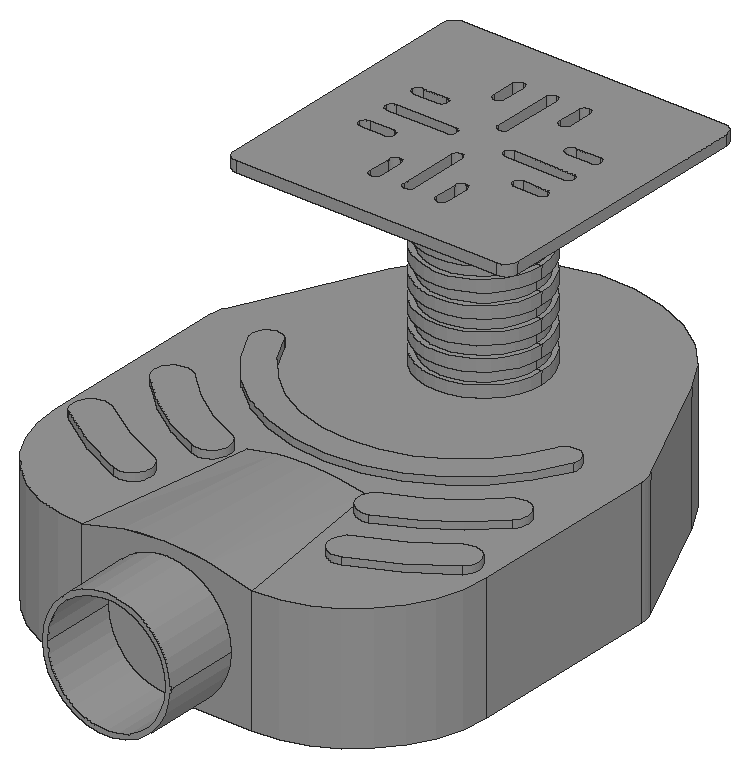
Revit family "LINEA INFLOOR SQUARED 12", category Plumbing Fixtures, Revit 2019
Family settings
  Round Connector Dimension = Use Diameter
  Part Type = Normal
  OmniClass Number = 23.45.00.00
  OmniClass Title = Sanitary, Laundry, and Cleaning Equipment
  Work Plane-Based = No
  Always vertical = Yes
  Cut with Voids When Loaded = No
  Shared = No
  Room Calculation Point = No
Reference planes
  plane 1 "Center (Front/Back)": y = 0
  plane 2: z = 0
  plane 3 "Center (Left/Right)": x = 0
Forms (mm)
  Revolve 1, solid
    sketch origin (0, 59.948, 26) x (1, 0, 0) y (0, 0, 1)
      loop
        line (192.5, 0) -> (192.5, -106) -> (217.5, -106) -> (217.5, -103) -> (215.26, -103) -> (215.26, -98) -> (217.5, -98) -> (217.5, -93) -> (215.26, -93) -> (215.26, -88) -> (217.5, -88) -> (217.5, -83) -> (215.26, -83) -> (215.26, -78) -> (217.5, -78) -> (217.5, -73) -> (215.26, -73) -> (215.26, -68) -> (217.5, -68) -> (217.5, -63) -> (215.26, -63) -> (215.26, -58) -> (217.5, -58) -> (217.5, -53) -> (215.26, -53) -> (215.26, -48) -> (217.5, -48) -> (217.5, -43) -> (215.26, -43) -> (215.26, -38) -> (217.5, -38) -> (217.5, -33) -> (215.26, -33) -> (215.26, -28) -> (217.5, -28) -> (217.5, 0) -> (192.5, 0)
      axis (192.5, -106) -> (192.5, 0)
    angle from 0 to 360
  Extrusion 2, solid
    sketch origin (0, 0, 0) x (1, 0, 0) y (0, 1, 0)
      loop
        line (101.5, 29.896) -> (101.5, -52.052)
        arc (101.5, -52.052) -> (117.609, -90.943) -> (156.5, -107.052) r 55
        line (156.5, -107.052) -> (228.5, -107.052)
        arc (228.5, -107.052) -> (267.391, -90.943) -> (283.5, -52.052) r 55
        line (283.5, -52.052) -> (283.5, 29.896)
        arc (283.5, 29.896) -> (283.085, 33.627) -> (281.862, 37.176) r 17
        line (281.862, 37.176) -> (256.659, 90.355)
        arc (256.659, 90.355) -> (192.5, 130.948) -> (128.341, 90.355) r 71
        line (128.341, 90.355) -> (103.138, 37.176)
        arc (103.138, 37.176) -> (101.915, 33.627) -> (101.5, 29.896) r 17
    from -106 to -53
  Extrusion 3, solid
    sketch origin (0, 0, 7.5) x (1, 0, 0) y (0, 0, 1)
      loop
        circle (192.5, -87) r 25
      loop
        circle (192.5, -87) r 27
    from 87.052 to 139.052
  Blend 4, solid
    base sketch origin (0, 0, 0) x (1, 0, 0) y (0, 0, 1)
      loop
        line (156.5, -53) -> (228.5, -53)
        arc (228.5, -53) -> (192.5, -47) -> (156.5, -53) r 111
    top sketch origin (0, 0, 0) x (1, 0, 0) y (0, 0, 1)
      loop
        line (167.222, -53) -> (217.778, -53)
        arc (217.778, -53) -> (192.5, -50) -> (167.222, -53) r 108
    from 107.052 to 33.19
  Extrusion 5, solid
    sketch origin (0, 0, 0) x (1, 0, 0) y (0, 1, 0)
      loop
        arc (135.068, 26.59) -> (127.25, 29.888) -> (123.952, 22.07) r 6
        arc (123.952, 22.07) -> (192.5, -24.052) -> (261.048, 22.07) r 74
        arc (261.048, 22.07) -> (257.75, 29.888) -> (249.932, 26.59) r 6
        arc (249.932, 26.59) -> (192.5, -12.052) -> (135.068, 26.59) r 62
      loop
        arc (126.84, -10.134) -> (115.996, -9.345) -> (115.733, -20.215) r 7.509
        arc (115.733, -20.215) -> (133.807, -35.907) -> (154.989, -47.052) r 104
        arc (154.989, -47.052) -> (164.69, -42.762) -> (160.399, -33.062) r 7.5
        arc (160.399, -33.062) -> (142.294, -23.539) -> (126.84, -10.134) r 89
      loop
        arc (119.682, -44.172) -> (108.999, -44.172) -> (108.999, -54.855) r 7.554
        arc (108.999, -54.855) -> (125.817, -66.282) -> (144.169, -75.033) r 134
        arc (144.169, -75.033) -> (153.869, -70.743) -> (149.579, -61.042) r 7.5
        arc (149.579, -61.042) -> (134.019, -53.691) -> (119.682, -44.172) r 119
      loop
        arc (258.16, -10.134) -> (242.706, -23.539) -> (224.601, -33.062) r 89
        arc (224.601, -33.062) -> (220.31, -42.762) -> (230.011, -47.052) r 7.5
        arc (230.011, -47.052) -> (251.193, -35.907) -> (269.267, -20.215) r 104
        arc (269.267, -20.215) -> (269.004, -9.345) -> (258.16, -10.134) r 7.509
      loop
        arc (265.318, -44.172) -> (250.981, -53.691) -> (235.421, -61.042) r 119
        arc (235.421, -61.042) -> (231.131, -70.743) -> (240.831, -75.033) r 7.5
        arc (240.831, -75.033) -> (259.183, -66.282) -> (276.001, -54.855) r 134
        arc (276.001, -54.855) -> (276.001, -44.172) -> (265.318, -44.172) r 7.554
    from -53 to -49.925
  Extrusion 6, solid
    sketch origin (0, 0, 0) x (1, 0, 0) y (0, 1, 0)
      loop
        arc (131.38, 4.948) -> (132.845, 1.412) -> (136.38, -0.052) r 5
        line (136.38, -0.052) -> (246.38, -0.052)
        arc (246.38, -0.052) -> (249.916, 1.412) -> (251.38, 4.948) r 5
        line (251.38, 4.948) -> (251.38, 114.948)
        arc (251.38, 114.948) -> (249.916, 118.483) -> (246.38, 119.948) r 5
        line (246.38, 119.948) -> (136.38, 119.948)
        arc (136.38, 119.948) -> (132.845, 118.483) -> (131.38, 114.948) r 5
        line (131.38, 114.948) -> (131.38, 4.948)
      loop
        line (188.88, 97.404) -> (188.88, 72.427)
        arc (188.88, 72.427) -> (189.61, 70.671) -> (191.369, 69.95) r 2.477
        arc (191.369, 69.95) -> (193.144, 70.678) -> (193.88, 72.45) r 2.5
        line (193.88, 72.45) -> (193.88, 97.431)
        arc (193.88, 97.431) -> (193.154, 99.2) -> (191.393, 99.948) r 2.517
        arc (191.393, 99.948) -> (189.614, 99.192) -> (188.88, 97.404) r 2.544
      loop
        arc (153.885, 62.448) -> (152.111, 61.711) -> (151.38, 59.935) r 2.505
        arc (151.38, 59.935) -> (152.104, 58.177) -> (153.86, 57.448) r 2.479
        line (153.86, 57.448) -> (179.194, 57.448)
        arc (179.194, 57.448) -> (180.752, 58.291) -> (181.38, 59.948) r 2.54
        arc (181.38, 59.948) -> (180.645, 61.699) -> (178.885, 62.448) r 2.491
        line (178.885, 62.448) -> (153.885, 62.448)
      loop
        line (188.88, 47.404) -> (188.88, 22.404)
        arc (188.88, 22.404) -> (189.621, 20.669) -> (191.38, 19.948) r 2.477
        arc (191.38, 19.948) -> (193.238, 20.762) -> (193.88, 22.687) r 2.5
        line (193.88, 22.687) -> (193.88, 47.431)
        arc (193.88, 47.431) -> (193.154, 49.2) -> (191.393, 49.948) r 2.517
        arc (191.393, 49.948) -> (189.614, 49.192) -> (188.88, 47.404) r 2.544
      loop
        arc (203.899, 62.448) -> (202.121, 61.713) -> (201.38, 59.939) r 2.518
        arc (201.38, 59.939) -> (202.116, 58.177) -> (203.88, 57.448) r 2.5
        line (203.88, 57.448) -> (229.194, 57.448)
        arc (229.194, 57.448) -> (230.752, 58.291) -> (231.38, 59.948) r 2.54
        arc (231.38, 59.948) -> (230.645, 61.699) -> (228.899, 62.448) r 2.491
        line (228.899, 62.448) -> (203.899, 62.448)
      loop
        line (202.88, 97.404) -> (202.88, 87.425)
        arc (202.88, 87.425) -> (203.61, 85.669) -> (205.369, 84.948) r 2.477
        arc (205.369, 84.948) -> (207.144, 85.676) -> (207.88, 87.448) r 2.5
        line (207.88, 87.448) -> (207.88, 97.431)
        arc (207.88, 97.431) -> (207.154, 99.2) -> (205.393, 99.948) r 2.517
        arc (205.393, 99.948) -> (203.614, 99.192) -> (202.88, 97.404) r 2.544
      loop
        arc (179.88, 97.431) -> (179.154, 99.2) -> (177.393, 99.948) r 2.517
        arc (177.393, 99.948) -> (175.614, 99.192) -> (174.88, 97.404) r 2.544
        line (174.88, 97.404) -> (174.88, 87.425)
        arc (174.88, 87.425) -> (175.61, 85.669) -> (177.369, 84.948) r 2.477
        arc (177.369, 84.948) -> (179.144, 85.676) -> (179.88, 87.448) r 2.5
        line (179.88, 87.448) -> (179.88, 97.431)
      loop
        line (153.86, 71.448) -> (164.194, 71.448)
        arc (164.194, 71.448) -> (165.752, 72.291) -> (166.38, 73.948) r 2.54
        arc (166.38, 73.948) -> (165.645, 75.699) -> (163.89, 76.423) r 2.491
        line (163.89, 76.423) -> (153.885, 76.448)
        arc (153.885, 76.448) -> (152.111, 75.711) -> (151.38, 73.935) r 2.505
        arc (151.38, 73.935) -> (152.104, 72.177) -> (153.86, 71.448) r 2.479
      loop
        arc (153.885, 48.448) -> (152.111, 47.711) -> (151.38, 45.935) r 2.505
        arc (151.38, 45.935) -> (152.104, 44.177) -> (153.86, 43.448) r 2.479
        line (153.86, 43.448) -> (163.84, 43.448)
        arc (163.84, 43.448) -> (165.631, 44.186) -> (166.38, 45.973) r 2.54
        arc (166.38, 45.973) -> (165.645, 47.724) -> (163.89, 48.448) r 2.491
        line (163.89, 48.448) -> (153.885, 48.448)
      loop
        arc (218.885, 48.448) -> (217.111, 47.711) -> (216.38, 45.935) r 2.505
        arc (216.38, 45.935) -> (217.104, 44.177) -> (218.86, 43.448) r 2.479
        line (218.86, 43.448) -> (229.194, 43.448)
        arc (229.194, 43.448) -> (230.752, 44.291) -> (231.38, 45.948) r 2.54
        arc (231.38, 45.948) -> (230.645, 47.699) -> (228.885, 48.448) r 2.491
        line (228.885, 48.448) -> (218.885, 48.448)
      loop
        line (202.88, 32.144) -> (202.88, 22.144)
        arc (202.88, 22.144) -> (205.373, 19.651) -> (207.867, 22.144) r 2.493
        line (207.867, 22.144) -> (207.867, 32.431)
        arc (207.867, 32.431) -> (207.14, 34.2) -> (205.38, 34.948) r 2.517
        arc (205.38, 34.948) -> (203.512, 34.097) -> (202.88, 32.144) r 2.544
      loop
        arc (179.88, 32.444) -> (179.14, 34.2) -> (177.38, 34.948) r 2.517
        arc (177.38, 34.948) -> (175.512, 34.097) -> (174.88, 32.144) r 2.544
        line (174.88, 32.144) -> (174.88, 22.144)
        arc (174.88, 22.144) -> (177.38, 19.644) -> (179.88, 22.144) r 2.5
        line (179.88, 22.144) -> (179.88, 32.444)
      loop
        arc (218.632, 76.448) -> (216.117, 73.932) -> (218.632, 71.417) r 2.515
        line (218.632, 71.417) -> (228.89, 71.417)
        arc (228.89, 71.417) -> (231.405, 73.932) -> (228.89, 76.448) r 2.515
        line (228.89, 76.448) -> (218.632, 76.448)
    from 26 to 30.466
Cuts and joins
  joined: Extrusion 2, Extrusion 3, Blend 4
Dimensions and locks
  aligned and locked: level to plane 2
Connectors
  piping at (192.5, -139.052, -79.5), diameter 50
    settings: on cut or joined group of Extrusion 2, Extrusion 3, Blend 4, index 1, connector inside diameter 609.6 mm, connector length 0 mm, flow factor 0, pipe flow 0.0 L/s, pressure drop 0.0 Pa, fitting loss kfactor 0, connector angle 0.00°, fixture units 0, engagement length 0 mm, angle of deflection 0.00°, flow configuration 0, flow direction 0, fitting loss method 0, system type 7, joint type 0, gender type 0, connector reference index -1, connector utility 0, adjustable connector no, is connector primary yes, connector description ""
